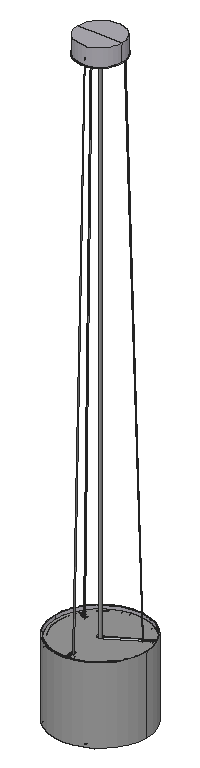
Revit family "Lighting - Lumetta - Pendant - P51210", category Lighting Fixtures, host Ceiling, Revit 2015
Parameters
  Wattage = 11.7117 W
  built-in parameter 1150110 = 1 (stored number, unit not read)
  URL = "https://lumetta.com/luminaires/drum-12-pendant/"
  Type Comments = "Drum 12'' Pendant"  # constant formula
  built-in parameter 1114217 = 1 (stored number, unit not read)
  Top Lens-Material [instance] = Acrylic - 2447 - White
  Top Lens [instance] = yes
  built-in parameter 1150109 = 1 (stored number, unit not read)
  built-in parameter 1150134 = (empty or 0)
  Suspension [instance] = 2
  built-in parameter 1150113 = 1 (stored number, unit not read)
  Stem Hung-ALL Lamping [instance] = Suspension = 3  # no
  Light Source Symbol Size = 0' - 1"
  1CRD-3CBL- LED-4 Wire [instance] = Suspension = 2  # yes
  Coupling-Stems Over 60 inches [instance] = and([Stem Hung-ALL Lamping], Fixture Drop > 5' 0")  # no
  Model = "P51210"  # constant formula
  Manufacturer = "Lumetta, Inc."  # constant formula
  Lumens = 1300 lm
  built-in parameter 1150115 = 1 (stored number, unit not read)
  built-in parameter 1150105 = 103.45 (stored number, unit not read)
  built-in parameter 1150137 = (empty or 0)
  built-in parameter 1150139 = (empty or 0)
  built-in parameter 1150112 = 1 (stored number, unit not read)
  built-in parameter 1150114 = 1 (stored number, unit not read)
  built-in parameter 1150132 = 1
  built-in parameter 1150102 = (empty or 0)
  built-in parameter 1150138 = (empty or 0)
  built-in parameter 1150107 = 3000 (stored number, unit not read)
  built-in parameter 1150106 = 1.0345 (stored number, unit not read)
  Frame Finish [instance] = Paint - Lumetta - F02 - PC_Chrome
  Fixture Height [instance] = 0' - 10"
  Fixture Drop [instance] = 5' - 10"
  built-in parameter 1150104 = 10.312 (stored number, unit not read)
  Dimming Lamp Color Temperature Shift = (empty or 0)
  Diffuser Material [instance] = Shade - Lumetta - D866 - Cherry
  Description = ""
  Cord [instance] = or(Suspension = 1, Suspension = 2)  # yes
  Bottom Lens-Material [instance] = Acrylic - P95 - Etched White
  Bottom Lens [instance] = yes
  3 Cables [instance] = or(Suspension = 1, Suspension = 2)  # yes
  1CRD-3CBL-STD and 2 or 3 Wire [instance] = Suspension = 1  # no
  Cord Color [instance] = Cord, Black
  Color Filter = 16777215
  built-in parameter 1114218 = 1 (stored number, unit not read)
  built-in parameter 1150133 = 10 (stored number, unit not read)
Reference planes (in)
  plane 1 "Light Source Axis (F/B)": y = 0
  plane 2 "Ceiling": z = 96
  plane 3 "Light Source Axis (L/R)": x = 0
  plane 4 "Light Source Elevation": z = 23.5
  plane 5 "Fixture-Top": z = 26
  plane 6 "Fixture-OD": x = 6
  plane 7 "Fixture-Height": z = 16
Forms (in)
  Revolve 1, solid, material "Paint - Lumetta - F02 - PC_Chrome" <- "Frame Finish", visible <- "1CRD-3CBL-STD and 2 or 3 Wire"
    sketch origin (0, 0, 0) x (1, 0, 0) y (0, 0, 1)
      loop
        line (0, 96) -> (0, 94.9375) -> (0.2793, 94.9375) -> (0.375, 95.4375) -> (3, 95.4375) -> (3, 95.5) -> (2.87509, 95.5) -> (2.87509, 96) -> (0, 96)
      axis (0, 96) -> (0, 94.9375)
    angle from 0 to 360
  Extrusion 2, void
    sketch origin (0, 0, 95.4375) x (0, -1, 0) y (1, 0, 0)
      loop
        circle (0, 0) r 0.25
      loop
        circle (2.5, 0) r 0.06274
      loop
        circle (-1.25012, 2.16499) r 0.06231
      loop
        circle (-1.20848, -2.18851) r 0.06217
    from 0 to 0.06358
  Revolve 3, solid, material "Paint - Lumetta - F02 - PC_Chrome" <- "Frame Finish", visible <- "1CRD-3CBL- LED-4 Wire"
    sketch origin (0, 0, 0) x (1, 0, 0) y (0, 0, 1)
      loop
        arc (1.9375, 93.36401) -> (2.12349, 93.55) -> (1.9375, 93.73599) r 0.18599
        line (1.9375, 93.73599) -> (1.9375, 93.36401)
      axis (1.9375, 93.73599) -> (1.9375, 93.36401)
    angle from 0 to 360
  Revolve 4, solid, material "Paint - Lumetta - F02 - PC_Chrome" <- "Frame Finish", visible <- "Stem Hung-ALL Lamping"
    sketch origin (0, 0, 0) x (-1, 0, 0) y (0, 0, 1)
      loop
        arc (1.9375, 93.37651) -> (2.12349, 93.5625) -> (1.9375, 93.74849) r 0.18599
        line (1.9375, 93.74849) -> (1.9375, 93.37651)
      axis (1.9375, 93.74849) -> (1.9375, 93.37651)
    angle from 0 to 360
  Revolve 5, solid, material "Paint - Lumetta - F02 - PC_Chrome" <- "Frame Finish"
    sketch origin (0, 0, 0) x (1, 0, 0) y (0, 0, 1)
      loop
        line (6, 26) -> (5.93781, 26) -> (5.93781, 25.56373) -> (5.50031, 25.56373) -> (5.50031, 25.50123) -> (6, 25.50123) -> (6, 26)
      loop
        line (6, 16.50004) -> (5.93781, 16.50004) -> (5.93781, 16.06378) -> (5.50031, 16.06378) -> (5.50031, 16) -> (6, 16) -> (6, 16.50004)
      axis (0, 26) -> (0, 16)
    angle from 0 to 360
  Revolve 6, solid, material "Shade - Lumetta - D866 - Cherry" <- "Diffuser Material"
    sketch origin (0, 0, 0) x (1, 0, 0) y (0, 0, 1)
      loop
        line (6, 26) -> (6, 16) -> (6.06242, 16) -> (6.06242, 26) -> (6, 26)
      axis (0, 26) -> (0, 16)
    angle from 0 to 360
  Extrusion 7, solid, material "Paint - Lumetta - F02 - PC_Chrome" <- "Frame Finish"
    sketch origin (0, 0, 26) x (0, -1, 0) y (-1, 0, 0)
      loop
        line (-3.17178, 4.49368) -> (-2.80801, 3.86362) -> (-1.94199, 4.36362) -> (-2.30575, 4.99368)
        arc (-2.30575, 4.99368) -> (-2.75015, 4.7634) -> (-3.17178, 4.49368) r 5.50031
      loop
        circle (-2.5, 4.33013) r 0.11126
      loop
        line (-2.30575, -4.99368) -> (-1.94199, -4.36362) -> (-2.80801, -3.86362) -> (-3.17178, -4.49368)
        arc (-3.17178, -4.49368) -> (-2.75015, -4.7634) -> (-2.30575, -4.99368) r 5.50031
      loop
        circle (-2.5, -4.33013) r 0.11126
      loop
        line (5.47753, 0.5) -> (4.75, 0.5) -> (4.75, -0.5) -> (5.47753, -0.5)
        arc (5.47753, -0.5) -> (5.50031, 0) -> (5.47753, 0.5) r 5.50031
      loop
        circle (5, 0) r 0.11126
    from 0.56254 to 0.49877
  Extrusion 8, solid
    sketch origin (0, 0, 26) x (0, -1, 0) y (1, 0, 0)
      loop
        circle (0, 0) r 0.25
      loop
        circle (4.375, 0) r 0.125
      loop
        line (-2.2, 4.73427) -> (-3, 4.27239) -> (-3, -4.27239) -> (-2.2, -4.73427) -> (5.2, -0.46188) -> (5.2, 0.46188) -> (-2.2, 4.73427)
      loop
        circle (-2.1875, 3.78886) r 0.125
      loop
        circle (-2.1875, -3.78886) r 0.125
    from -0.56254 to -0.625
  Sweep 9, solid, material "Steel, Galvanized", visible <- "3 Cables"
    path origin (0, 0, 0) x (0, 1, 0) y (0, 0, 1)
      loop
        line (-2.5, 95.43701) -> (-4.375, 25.4375)
    profile origin (0, -3.4375, 60.43725) x (0, 0.999641, -0.026776) y (1, 0, 0)
      loop
        circle (0, 0) r 0.03125
  Sweep 10, solid, material "Steel, Galvanized", visible <- "3 Cables"
    path origin (0, 0, 0) x (0.866025, -0.5, 0) y (0, 0, 1)
      loop
        line (-2.5, 95.43701) -> (-4.375, 25.4375)
    profile origin (-2.97696, 1.71875, 60.43725) x (0.865715, -0.499821, -0.026776) y (-0.5, -0.866025, 0)
      loop
        circle (0, 0) r 0.03125
  Sweep 11, solid, material "Steel, Galvanized", visible <- "3 Cables"
    path origin (0, 0, 0) x (-0.866025, -0.5, 0) y (0, 0, 1)
      loop
        line (-2.5, 95.43701) -> (-4.375, 25.4375)
    profile origin (2.97696, 1.71875, 60.43725) x (-0.865715, -0.499821, -0.026776) y (-0.5, 0.866025, 0)
      loop
        circle (0, 0) r 0.03125
  Revolve 12, solid, material "Paint - Lumetta - F02 - PC_Chrome" <- "Frame Finish", visible <- "1CRD-3CBL- LED-4 Wire"
    sketch origin (0, 0, 0) x (1, 0, 0) y (0, 0, 1)
      loop
        line (0, 96) -> (0, 93.22) -> (0.26563, 93.22) -> (0.36282, 93.72) -> (3, 93.72) -> (3, 93.78) -> (2.875, 93.78) -> (2.875, 96) -> (0, 96)
      axis (0, 96) -> (0, 93.22)
    angle from 0 to 360
  Revolve 13, solid, material "Paint - Lumetta - F02 - PC_Chrome" <- "Frame Finish", visible <- "Stem Hung-ALL Lamping"
    sketch origin (0, 0, -1.37386) x (1, 0, 0) y (0, 0, 1)
      loop
        arc (1.9375, 94.75037) -> (2.12349, 94.93636) -> (1.9375, 95.12236) r 0.18599
        line (1.9375, 95.12236) -> (1.9375, 94.75037)
      axis (1.9375, 95.12236) -> (1.9375, 94.75037)
    angle from 0 to 360
  Revolve 14, solid, material "Paint - Lumetta - F02 - PC_Chrome" <- "Frame Finish", visible <- "1CRD-3CBL- LED-4 Wire"
    sketch origin (0, 0, -1.37386) x (-1, 0, 0) y (0, 0, 1)
      loop
        arc (1.9375, 94.75037) -> (2.12349, 94.93636) -> (1.9375, 95.12236) r 0.18599
        line (1.9375, 95.12236) -> (1.9375, 94.75037)
      axis (1.9375, 95.12236) -> (1.9375, 94.75037)
    angle from 0 to 360
  Extrusion 15, solid, material "Paint - Lumetta - F02 - PC_Chrome" <- "Frame Finish", visible <- "Stem Hung-ALL Lamping"
    sketch origin (0, 0, 26) x (0, -1, 0) y (-1, 0, 0)
      loop
        circle (0, 0) r 0.25
    from 0.56254 to -70
  Revolve 16, solid, material "Paint - Lumetta - F02 - PC_Chrome" <- "Frame Finish", visible <- "Coupling-Stems Over 60 inches"
    sketch origin (0, 0, 0) x (1, 0, 0) y (0, 0, 1)
      loop
        line (0, 86.53023) -> (0, 86) -> (0.26233, 86)
        arc (0.26233, 86) -> (0.31307, 86.05074) -> (0.26233, 86.10149) r 0.05074
        arc (0.26233, 86.10149) -> (0.29304, 86.26499) -> (0.26243, 86.42851) r 0.45126
        arc (0.26243, 86.42851) -> (0.31329, 86.47937) -> (0.26243, 86.53023) r 0.05086
        line (0.26243, 86.53023) -> (0, 86.53023)
      axis (0, 86.53023) -> (0, 86)
    angle from 0 to 360
  Revolve 17, solid, material "Paint - Lumetta - F02 - PC_Chrome" <- "Frame Finish", visible <- "Stem Hung-ALL Lamping"
    sketch origin (0, 0, 0) x (1, 0, 0) y (0, 0, 1)
      loop
        line (0, 96) -> (0, 93.40625) -> (0.34988, 93.40625)
        arc (0.34988, 93.40625) -> (0.49124, 93.54417) -> (0.58115, 93.72) r 0.61026
        line (0.58115, 93.72) -> (3, 93.72) -> (3, 93.78) -> (2.875, 93.78) -> (2.875, 96) -> (0, 96)
      axis (0, 96) -> (0, 93.40625)
    angle from 0 to 360
  Extrusion 18, solid, material "Cord, Black" <- "Cord Color", visible <- "Cord"
    sketch origin (0, 0, 26) x (0, -1, 0) y (1, 0, 0)
      loop
        circle (0, 0) r 0.15674
    from -0.56254 to 67.78
  Extrusion 19, solid, material "Acrylic - 2447 - White" <- "Top Lens-Material", visible <- "Top Lens"
    sketch origin (0, 0, 26) x (0, -1, 0) y (1, 0, 0)
      loop
        arc (0.08236, 0.41549) -> (0.10859, 0.38367) -> (0.14375, 0.36211) r 0.125
        arc (0.14375, 0.36211) -> (0.17448, -0.34973) -> (-0.38276, 0.09427) r 0.39147
        arc (-0.38276, 0.09427) -> (-0.38023, 0.14197) -> (-0.39577, 0.18713) r 0.125
        line (-0.39577, 0.18713) -> (-3.06954, 4.81825)
        arc (-3.06954, 4.81825) -> (-3.14938, 4.87748) -> (-3.24719, 4.85972) r 0.125
        arc (-3.24719, 4.85972) -> (-5.84674, 0.01759) -> (-3.27773, -4.84081) r 5.84375
        arc (-3.27773, -4.84081) -> (-3.17965, -4.8591) -> (-3.09943, -4.79978) r 0.125
        line (-3.09943, -4.79978) -> (-2.43479, -3.64859)
        arc (-2.43479, -3.64859) -> (-2.07399, -3.55192) -> (-1.97731, -3.91272) r 0.26412
        line (-1.97731, -3.91272) -> (-2.64318, -5.06603)
        arc (-2.64318, -5.06603) -> (-2.65455, -5.16479) -> (-2.59027, -5.24061) r 0.125
        arc (-2.59027, -5.24061) -> (2.90291, -5.07082) -> (5.82591, -0.41679) r 5.84375
        arc (5.82591, -0.41679) -> (5.79271, -0.32271) -> (5.70123, -0.28289) r 0.125
        line (5.70123, -0.28289) -> (4.37195, -0.28289)
        arc (4.37195, -0.28289) -> (4.10782, -0.01877) -> (4.37195, 0.24536) r 0.26412
        line (4.37195, 0.24536) -> (5.70368, 0.24536)
        arc (5.70368, 0.24536) -> (5.79489, 0.28488) -> (5.82841, 0.37847) r 0.125
        arc (5.82841, 0.37847) -> (2.93478, 5.05081) -> (-2.55723, 5.25518) r 5.84375
        arc (-2.55723, 5.25518) -> (-2.6221, 5.17939) -> (-2.61084, 5.08025) r 0.125
        line (-2.61084, 5.08025) -> (0.08236, 0.41549)
    from -0.4375 to -0.375
  Extrusion 20, solid, material "Acrylic - P95 - Etched White" <- "Bottom Lens-Material", visible <- "Bottom Lens"
    sketch origin (0, 0, 16) x (0, -1, 0) y (1, 0, 0)
      loop
        circle (0, 0) r 5.84514
    from 0.06378 to 0.18636
Cuts and joins
  joined: Revolve 5, Extrusion 7
Dimensions and locks (in)
  equal spacing: host sketch curve, plane 3 "Light Source Axis (L/R)", host sketch curve
  equal spacing: host sketch curve, plane 1 "Light Source Axis (F/B)", host sketch curve
  host sketch curve to host sketch curve = 10' - 0"  (x2)
  "Fixture Drop": plane 2 "Ceiling" to plane 5 "Fixture-Top"
  locked: plane 5 "Fixture-Top" to plane 4 "Light Source Elevation" at 2.5
  locked: plane 6 "Fixture-OD" to plane 3 "Light Source Axis (L/R)" at 6
  "Fixture Height": plane 5 "Fixture-Top" to plane 7 "Fixture-Height"
  locked: Revolve 1 sketch curve to plane 3 "Light Source Axis (L/R)" at 2.87509
  locked: Revolve 1 sketch curve to plane 3 "Light Source Axis (L/R)" at 3
  locked: Extrusion 2 sketch curve to Extrusion 2 sketch curve at 2.5  (x3)
  locked: plane 1 "Light Source Axis (F/B)" to Extrusion 2 sketch curve at 1.20848
  locked: plane 1 "Light Source Axis (F/B)" to Extrusion 2 sketch curve at 1.25012
  locked: Revolve 3 sketch curve to plane 3 "Light Source Axis (L/R)" at 1.9375
  locked: plane 6 "Fixture-OD" to Revolve 5 sketch curve at 0.06219  (x2)
  locked: Revolve 6 sketch curve to plane 6 "Fixture-OD" at 0.06242
  locked: Revolve 5 to Revolve 6 at 0.06378
  locked: Extrusion 7 sketch curve to imposter light at 4.33013
  locked: imposter light to Extrusion 7 sketch curve at 4.33013
  locked: Extrusion 7 sketch curve to imposter light at 0
  locked: Extrusion 7 sketch curve to plane 1 "Light Source Axis (F/B)" at 5
  locked: plane 1 "Light Source Axis (F/B)" to Extrusion 7 sketch curve at 2.5  (x2)
  locked: Extrusion 7 sketch curve to plane 3 "Light Source Axis (L/R)" at 4.75  (x2)
  locked: Extrusion 7 sketch curve to plane 1 "Light Source Axis (F/B)" at 4.75
  Extrusion 7 sketch curve to Extrusion 7 sketch curve = 0' - 0 1/4"
  locked: Extrusion 7 sketch curve to Extrusion 7 sketch curve at 1  (x3)
  Extrusion 7 sketch curve to Extrusion 7 sketch curve = 0' - 0 1/2"
  locked: Extrusion 7 sketch curve to Extrusion 7 sketch curve at 0.5
  Revolve 5 to Extrusion 7 sketch curve = 0' - 0.75031"
  equal spacing: Extrusion 7 sketch curve, Extrusion 7 sketch curve, plane 3 "Light Source Axis (L/R)"
  locked: Extrusion 8 sketch curve to Extrusion 8 sketch curve at 4.375
  Extrusion 8 sketch curve to Extrusion 8 sketch curve = 0' - 8.2"
  host ceiling to Revolve 3 sketch curve = 0' - 2.45"
  host ceiling to Revolve 4 sketch curve = 0' - 2 7/16"
  locked: host ceiling to Revolve 13 sketch curve at 2.4375
  locked: host ceiling to Revolve 14 sketch curve at 2.4375
  locked: Extrusion 15 sketch curve to imposter light
  locked: Extrusion 15 sketch curve to imposter light at 0
  Revolve 16 sketch curve to Revolve 16 sketch curve = 0' - 0.15822"
  locked: Revolve 16 sketch curve to Revolve 6 at 60
  locked: Revolve 16 sketch curve to Revolve 16 sketch curve at 0.53023
  locked: Revolve 16 sketch curve to Revolve 16 sketch curve at 0.26243
  locked: Revolve 16 sketch curve to Revolve 16 sketch curve at 0.26233
  locked: Revolve 16 sketch curve to Revolve 16 sketch curve at 0.05074
  locked: Revolve 16 sketch curve to Revolve 16 sketch curve at 0.47937
  locked: Revolve 16 sketch curve to Revolve 16 sketch curve at 0.26512
  locked: Revolve 17 sketch curve to Revolve 17 sketch curve at 2.875
  locked: Revolve 17 sketch curve to Revolve 17 sketch curve at 0.31375
  locked: Extrusion 19 sketch curve to Extrusion 19 sketch curve  (x3)
  locked: plane 5 "Fixture-Top" to Revolve 5 sketch curve at 0.49877
  locked: Revolve 5 sketch curve to Revolve 5 sketch curve at 0.0625
  locked: Revolve 5 sketch curve to plane 7 "Fixture-Height" at 0.50004
  locked: plane 6 "Fixture-OD" to Revolve 5 sketch curve at 0.49969
  locked: host ceiling to Revolve 12 sketch curve at 2.28
  locked: Revolve 12 sketch curve to Revolve 12 sketch curve at 0
  locked: Revolve 12 sketch curve to Revolve 12 sketch curve at 2.875
  locked: Revolve 12 sketch curve to Revolve 12 sketch curve at 0.26563
  locked: Revolve 12 sketch curve to Revolve 12 sketch curve at 0.36282
  locked: Revolve 12 sketch curve to Revolve 12 sketch curve at 0.06
  locked: Revolve 12 sketch curve to Revolve 12 sketch curve at 0.5
  locked: Revolve 1 sketch curve to Revolve 1 sketch curve at 0.0625
  locked: host ceiling to Revolve 1 sketch curve at 0.5625
  locked: Revolve 1 sketch curve to Revolve 1 sketch curve at 0.5625
  locked: Revolve 1 sketch curve to Revolve 1 sketch curve at 3
  Revolve 1 sketch curve to Revolve 1 sketch curve = 0' - 2.87509"
  locked: Revolve 1 sketch curve to Revolve 1 sketch curve at 0.5
  locked: Revolve 1 sketch curve to Revolve 1 sketch curve at 0.375
  locked: Revolve 1 sketch curve to Revolve 1 sketch curve at 0.2793
  Revolve 3 sketch curve to Revolve 3 sketch curve = 0' - 0"
  Revolve 1 to Revolve 3 sketch curve = 0' - 2.45"
  locked: Revolve 1 to Revolve 4 sketch curve at 2.4375
  Extrusion 19 sketch curve to plane 6 "Fixture-OD" = 0' - 6.00081"
  diameter of Extrusion 20 sketch curve = 0' - 11.69028"
  aligned and locked: plane 3 "Light Source Axis (L/R)" to imposter light
  aligned and locked: plane 1 "Light Source Axis (F/B)" to imposter light
  aligned and locked: plane 4 "Light Source Elevation" to imposter light
  aligned and locked: Revolve 6 sketch curve to plane 3 "Light Source Axis (L/R)"
  aligned and locked: Revolve 16 sketch curve to Revolve 16 sketch curve  (x2)
  aligned and locked: Extrusion 7 to Extrusion 8
  aligned and locked: Revolve 5 to Extrusion 7
  aligned and locked: host ceiling to Extrusion 15
  aligned and locked: Extrusion 8 to Extrusion 15
  aligned and locked: Revolve 12 to Extrusion 18
Automatic sketch dimensions
  Extrusion 2 sketch curve to Extrusion 2 sketch curve = 0' - 0"
  Revolve 3 sketch curve to Revolve 3 sketch curve = 0' - 0.18599"
  Revolve 3 sketch curve to Revolve 3 sketch curve = 0' - 1.73125"  (x2)
  plane 2 "Ceiling" to Revolve 4 sketch curve = 0' - 2.25151"
  plane 3 "Light Source Axis (L/R)" to Revolve 4 sketch curve = 0' - 1 15/16"
  Revolve 4 sketch curve to Revolve 4 sketch curve = 0' - 0"
  Revolve 4 sketch curve to Revolve 4 sketch curve = 0' - 1 23/32"  (x2)
  Revolve 6 sketch curve to plane 6 "Fixture-OD" = 0' - 0"
  Revolve 6 sketch curve to plane 7 "Fixture-Height" = 0' - 0"
  Revolve 6 sketch curve to plane 5 "Fixture-Top" = 0' - 0"
  plane 7 "Fixture-Height" to Revolve 6 sketch curve = 0' - 1 1/4"
  Revolve 6 sketch curve to plane 5 "Fixture-Top" = 0' - 2 1/4"
  plane 1 "Light Source Axis (F/B)" to Extrusion 8 sketch curve = 0' - 0"
  Extrusion 8 sketch curve to plane 3 "Light Source Axis (L/R)" = 0' - 0"  (x2)
  Extrusion 8 sketch curve to plane 1 "Light Source Axis (F/B)" = 0' - 2 3/16"  (x2)
  Extrusion 8 sketch curve to Extrusion 8 sketch curve = 0' - 0.0125"  (x2)
  Extrusion 8 sketch curve to Extrusion 8 sketch curve = 0' - 0.8"
  Extrusion 8 sketch curve to plane 3 "Light Source Axis (L/R)" = 0' - 0.46188"
  Extrusion 8 sketch curve to plane 3 "Light Source Axis (L/R)" = 0' - 3.78886"
  Extrusion 8 sketch curve to Extrusion 8 sketch curve = 0' - 0.48353"  (x2)
  Extrusion 8 sketch curve to Extrusion 8 sketch curve = 0' - 0.46188"  (x2)
  plane 3 "Light Source Axis (L/R)" to Extrusion 8 sketch curve = 0' - 0.46188"
  Extrusion 8 sketch curve to plane 6 "Fixture-OD" = 0' - 2.21114"
  plane 5 "Fixture-Top" to Sweep 9 sketch curve = 0' - 0 9/16"
  plane 1 "Light Source Axis (F/B)" to Sweep 9 sketch curve = 0' - 4 3/8"
  Sweep 9 sketch curve to plane 2 "Ceiling" = 0' - 0.56299"
  plane 1 "Light Source Axis (F/B)" to Sweep 9 sketch curve = 0' - 2 1/2"
  Sweep 9 sketch curve to plane 3 "Light Source Axis (L/R)" = 0' - 0"
  Sweep 9 sketch curve to profile plane = 0' - 0"
  plane 5 "Fixture-Top" to Sweep 10 sketch curve = 0' - 0 9/16"
  Sweep 10 sketch curve to plane 2 "Ceiling" = 0' - 0.56299"
  Sweep 10 sketch curve to Sweep 10 sketch curve = 0' - 1 7/8"
  profile plane to Sweep 10 sketch curve = 0' - 0"
  Sweep 10 sketch curve to profile plane = 0' - 0"
  plane 5 "Fixture-Top" to Sweep 11 sketch curve = 0' - 0 9/16"
  Sweep 11 sketch curve to plane 2 "Ceiling" = 0' - 0.56299"
  Sweep 11 sketch curve to Sweep 11 sketch curve = 0' - 1 7/8"
  profile plane to Sweep 11 sketch curve = 0' - 0"  (x2)
  plane 3 "Light Source Axis (L/R)" to Revolve 13 sketch curve = 0' - 1 15/16"
  Revolve 13 sketch curve to Revolve 13 sketch curve = 0' - 0.18599"
  Revolve 13 sketch curve to Revolve 13 sketch curve = 0' - 0"
  Revolve 13 sketch curve to Revolve 13 sketch curve = 0' - 0.0271"
  Revolve 13 sketch curve to Revolve 13 sketch curve = 0' - 0.34489"
  plane 3 "Light Source Axis (L/R)" to Revolve 14 sketch curve = 0' - 1 15/16"
  Revolve 14 sketch curve to Revolve 14 sketch curve = 0' - 0.18599"
  Revolve 14 sketch curve to Revolve 14 sketch curve = 0' - 0"
  Revolve 14 sketch curve to Revolve 14 sketch curve = 0' - 0.0271"
  Revolve 14 sketch curve to Revolve 14 sketch curve = 0' - 0.34489"
  Revolve 16 sketch curve to plane 3 "Light Source Axis (L/R)" = 0' - 0"
  Revolve 16 sketch curve to Revolve 16 sketch curve = 0' - 11.34317"
  Revolve 17 sketch curve to plane 3 "Light Source Axis (L/R)" = 0' - 0"  (x3)
  Revolve 17 sketch curve to plane 2 "Ceiling" = 0' - 0"
  plane 3 "Light Source Axis (L/R)" to Revolve 17 sketch curve = 0' - 0.34988"
  Revolve 17 sketch curve to Revolve 17 sketch curve = 0' - 0.23126"
  Revolve 17 sketch curve to Revolve 17 sketch curve = 0' - 0 1/8"
  Revolve 17 sketch curve to plane 2 "Ceiling" = 0' - 2 3/32"
  Revolve 17 sketch curve to Revolve 17 sketch curve = 0' - 0.06"
  plane 2 "Ceiling" to Revolve 17 sketch curve = 0' - 1 3/4"
  Revolve 17 sketch curve to Revolve 17 sketch curve = 0' - 2 1/2"
  Revolve 12 sketch curve to plane 2 "Ceiling" = 0' - 0"
  plane 2 "Ceiling" to Revolve 12 sketch curve = 0' - 1 3/4"
  Revolve 12 sketch curve to Revolve 12 sketch curve = 0' - 2 1/2"
  plane 1 "Light Source Axis (F/B)" to Extrusion 18 sketch curve = 0' - 0"
  Extrusion 18 sketch curve to plane 3 "Light Source Axis (L/R)" = 0' - 0"
  Revolve 5 sketch curve to plane 3 "Light Source Axis (L/R)" = 0' - 0"
  Revolve 5 sketch curve to plane 7 "Fixture-Height" = 0' - 0"
  Revolve 5 sketch curve to plane 5 "Fixture-Top" = 0' - 0"
  Revolve 5 sketch curve to plane 6 "Fixture-OD" = 0' - 0"  (x2)
  Revolve 5 sketch curve to level = 0' - 10"
  Revolve 5 sketch curve to plane 2 "Ceiling" = 0' - 1"
  Revolve 5 sketch curve to Revolve 5 sketch curve = 0' - 0 7/16"
  Revolve 5 sketch curve to Revolve 5 sketch curve = 0' - 0.06378"
  Revolve 12 sketch curve to plane 3 "Light Source Axis (L/R)" = 0' - 0"
  Revolve 12 sketch curve to Revolve 12 sketch curve = 0' - 0 1/8"
  plane 1 "Light Source Axis (F/B)" to Extrusion 20 sketch curve = 0' - 0"
  Extrusion 20 sketch curve to plane 3 "Light Source Axis (L/R)" = 0' - 0"
  Extrusion 7 sketch curve to Extrusion 7 sketch curve = 0' - 0"  (x6)
  plane 1 "Light Source Axis (F/B)" to Extrusion 7 sketch curve = 0' - 0"
  Extrusion 7 sketch curve to plane 3 "Light Source Axis (L/R)" = 0' - 0"
  Extrusion 7 sketch curve to plane 6 "Fixture-OD" = 0' - 2.13638"
  Extrusion 7 sketch curve to Extrusion 7 sketch curve = 0' - 0.30801"
  Extrusion 7 sketch curve to Extrusion 7 sketch curve = 0' - 0.67178"
  Extrusion 7 sketch curve to plane 6 "Fixture-OD" = 0' - 1.50632"
  Extrusion 7 sketch curve to Extrusion 7 sketch curve = 0' - 0.47753"
  Extrusion 7 sketch curve to plane 3 "Light Source Axis (L/R)" = 0' - 0 1/2"
  Extrusion 19 sketch curve to plane 1 "Light Source Axis (F/B)" = 0' - 3.20768"
  Extrusion 19 sketch curve to plane 6 "Fixture-OD" = 0' - 1.24425"
  Extrusion 19 sketch curve to plane 1 "Light Source Axis (F/B)" = 0' - 3.1778"
  Extrusion 19 sketch curve to Extrusion 19 sketch curve = 0' - 0.10825"  (x6)
  Extrusion 19 sketch curve to plane 6 "Fixture-OD" = 0' - 1.18175"
  Extrusion 19 sketch curve to Extrusion 19 sketch curve = 0' - 0.45625"
  Extrusion 19 sketch curve to plane 6 "Fixture-OD" = 0' - 0.91975"
  Extrusion 19 sketch curve to Extrusion 19 sketch curve = 0' - 0.4587"
  Extrusion 19 sketch curve to Extrusion 19 sketch curve = 0' - 0.66464"
  Extrusion 19 sketch curve to Extrusion 19 sketch curve = 0' - 0.22874"  (x2)
  plane 3 "Light Source Axis (L/R)" to Extrusion 19 sketch curve = 0' - 0.12463"
  Extrusion 19 sketch curve to plane 1 "Light Source Axis (F/B)" = 0' - 0.50402"
  plane 3 "Light Source Axis (L/R)" to Extrusion 19 sketch curve = 0' - 0.18713"
  Extrusion 19 sketch curve to plane 1 "Light Source Axis (F/B)" = 0' - 0.00301"
  plane 1 "Light Source Axis (F/B)" to Extrusion 19 sketch curve = 0' - 0.08236"
  Extrusion 19 sketch curve to plane 3 "Light Source Axis (L/R)" = 0' - 0.28289"
  Extrusion 19 sketch curve to Extrusion 19 sketch curve = 0' - 4.18134"
  Extrusion 19 sketch curve to plane 3 "Light Source Axis (L/R)" = 0' - 0.40789"
  Extrusion 19 sketch curve to Extrusion 19 sketch curve = 0' - 1.32928"
  plane 3 "Light Source Axis (L/R)" to Extrusion 19 sketch curve = 0' - 0.24536"
  Extrusion 19 sketch curve to Extrusion 19 sketch curve = 0' - 0.00245"
  Extrusion 19 sketch curve to plane 3 "Light Source Axis (L/R)" = 0' - 3.64859"
  Extrusion 19 sketch curve to Extrusion 19 sketch curve = 0' - 0.13206"
  Extrusion 19 sketch curve to Extrusion 19 sketch curve = 0' - 1.08869"
  Extrusion 19 sketch curve to Extrusion 19 sketch curve = 0' - 0 1/16"  (x4)
  Extrusion 19 sketch curve to Extrusion 19 sketch curve = 0' - 0.26625"
  Extrusion 19 sketch curve to Extrusion 19 sketch curve = 0' - 0 1/8"
  plane 3 "Light Source Axis (L/R)" to Extrusion 19 sketch curve = 0' - 0.41549"
  Extrusion 19 sketch curve to Extrusion 19 sketch curve = 0' - 0"  (x4)
  Revolve 1 sketch curve to plane 3 "Light Source Axis (L/R)" = 0' - 0"
  Revolve 1 sketch curve to plane 5 "Fixture-Top" = 0' - 1 1/4"
  Revolve 1 sketch curve to Revolve 1 sketch curve = 0' - 9 3/4"
  radius of Extrusion 2 sketch curve to Revolve 1 = 0' - 2 3/4"
  radius of Extrusion 2 sketch curve = 0' - 0.06274"
  radius of Extrusion 2 sketch curve = 0' - 0.06231"
  radius of Extrusion 2 sketch curve = 0' - 0.06217"
  radius of Extrusion 8 sketch curve = 0' - 0 1/4"
  radius of Extrusion 8 sketch curve = 0' - 0 1/8"  (x3)
  radius of Sweep 9 sketch curve = 0' - 0 1/32"
  radius of Sweep 10 sketch curve = 0' - 0 1/32"
  radius of Sweep 11 sketch curve = 0' - 0 1/32"
  radius of Extrusion 15 sketch curve = 0' - 0 1/4"
  radius of Extrusion 18 sketch curve = 0' - 0.15674"
  radius of Extrusion 7 sketch curve = 0' - 0.11126"  (x3)
